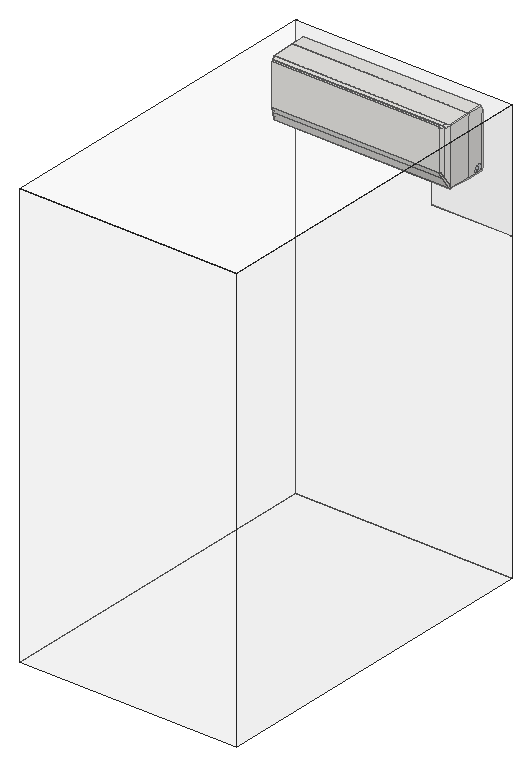
Revit family "pk-rp28la6_112ka22_60hz", category 機械設備, Revit 2023
Family settings
  丸型コネクタ寸法 = 直径を使用
  パーツ タイプ = 標準
  OmniClass 番号 = 23.75.10.24.21.27.27
  OmniClass タイトル = Split System Air Conditioning Units
  作業面ベース = いいえ
  常に垂直 = はい
  ロード時にボイドで切り取り = いいえ
  注釈の向きを維持 = いいえ
  共有 = いいえ
  部屋計算ポイント = はい
Parameters (values of type "PK-RP28LA6")
  風量_静 (m3/min) = 6.3
  風量_強 (m3/min) = 8.7
  風量_弱 (m3/min) = 7.3
  風量_中 (m3/min) = 8
  風量 = MAX風量  # 522.0 m³/h
  音響パワーレベル_静 (dB) = 45
  音響パワーレベル_弱 (dB) = 48
  音響パワーレベル_中 (dB) = 50
  音響パワーレベル_強 (dB) = 52
  音響パワーレベル(dB) = [音響パワーレベル_強 (dB)]  # 52
  電源種別 = ""
  電源_H = 0 mm
  電圧 = 0 V
  電動機出力_送風機 = 0.03 kW
  運転質量 = 0.00 kg
  連動 = ""
  質量 = if(製品質量 > 運転質量, 製品質量, 運転質量) * 1.2  # 15.00 kg
  負荷分類 = 3_ファン類
  構成品番 = ""
  既定の高さ = 0 mm
  壁掛_PK-RP_LA3 = no
  壁掛_PK-RP_LA2 = no
  壁掛_PK-RP_LA1 = yes
  冷媒液管位置-Z = 280 mm
  冷媒液管位置-Y = 23 mm
  冷媒液管位置-X = 711 mm
  冷媒ガス管位置-Z = 268 mm
  冷媒ガス管位置-Y = 23 mm
  冷媒ガス管位置-X = 642 mm
  ドレン管径 (外径) = 22 mm
  ドレン位置-Z = 274 mm
  ドレン位置-Y = 37 mm
  ドレン位置-X = 660 mm
  サービススペース_PK-RP_LA2 = no
  サービススペース_PK-RP_LA1,3 = yes
  【値が 0 の項目は組合せ形名にてご確認ください】 = ""
  Version = ""
  URL = "https://www.mitsubishielectric.co.jp/ldg/wink/qr/002/364755"
  Space Top = 50 mm
  Space Right_1 = 260 mm
  Space Right = 150 mm
  Space Left = 50 mm
  Space Bot_2 = 250 mm
  Space Bot_1 = 7 mm
  MIN２風量 = [風量_静 (m3/min)] * 60.0 m³/h  # 378.0 m³/h
  MIN風量 = [風量_弱 (m3/min)] * 60.0 m³/h  # 438.0 m³/h
  MID風量 = [風量_中 (m3/min)] * 60.0 m³/h  # 480.0 m³/h
  MAX風量 = [風量_強 (m3/min)] * 60.0 m³/h  # 522.0 m³/h
  説明 = "店舗・事務所用パッケージエアコン(Mr.SLIM) 壁掛形<ワイヤード>"
  設計暖房能力 = 0.00 kW
  設計冷房能力_顕熱 = 0 kW
  設計冷房能力 = 0 kW
  設置方法 = "壁掛形"
  記号 = ""
  製造元 = "三菱電機株式会社"
  製品質量 = 12.50 kg
  製品出荷対象 = "国内"
  製品リリース年月 = "2026/5/11"
  製品グループ = ""
  系統 = ""
  符号 = "PAC_WR"
  積算_科目 = "1 空気調和設備"
  積算_拾い区分 [instance] = ""
  盤記号 = ""
  発停方法 = "別売リモコン"
  特殊仕様 = ""
  火災停止 = ""
  消費電力_暖房 = 0.02 kW
  消費電力_冷房 = 0.03 kW
  消費電力 = if(消費電力_冷房 > 消費電力_暖房, 消費電力_冷房, 消費電力_暖房)  # 0.03 kW
  法定耐用年数 = "6"
  極数 = 3
  材質 = ""
  本体マテリアル = none
  有効加湿量 = 0
  暖房能力 = 2.80 kW
  形式_加湿器 = ""
  形式 = "壁掛（露出）形"
  幹線記号 = ""
  始動方式 = "インバータ"
  呼称 = "パッケージ形空気調和機_室内機"
  周波数 = 60 Hz
  吊り位置Y = 0 mm
  吊り位置X = 0 mm
  吊りボルト_H = 0 mm
  台数_手元リモコン = ""
  台数_冷媒分岐ユニット = ""
  参照している仕様書等のバージョン = "公共建築工事標準仕様書（機械設備工事編）平成31年度版"
  加湿給水管径 = 0 mm
  分類コード = "50053003123070"
  分類グループ = "設備"
  冷房能力 = 2.5 kW
  冷媒高低圧ガス管径 = 0 mm
  冷媒管径符号 = "Ac"
  冷媒管径 = 100 mm
  冷媒液管径 = 6.35 mm
  冷媒ガス管径 = 12.7 mm
  企業コード = "108420"
  付属品_フィルター = ""
  付属品 = ""
  モデル = "PK-RP28LA6"
  パネルマテリアル = none
  ドレン管径 = 16 mm
  サービススペース = yes
  コメント [instance] = ""
  Width = 898 mm
  Uniclass2015Version = "Systems v1.9"
  Uniclass2015Title = "Split coil remote air cooled condensing units"
  Uniclass2015Code = "Pr_70_65_03_84"
  SpecificationReference = ""
  SpecificationDescription = ""
  S_H = 356 mm
  Revision = ""
  ProductInformation = ""
  OmniClassCode = "23-33 17 13 11"
  IfcTypeProduct = ""
  IfcProduct = ""
  IfcExportType = "AIRCONDITIONINGUNIT"
  IfcExportAs = "IfcUnitaryEquipmentType"
  Height = 299 mm
  Depth = 237 mm
  価格 = 0
  Clearance Top = 50 mm
  Clearance Right = 150 mm
  Clearance Left = 50 mm
  Clearance Front = 1500 mm
  Clearance Bottom = 1800 mm
  Clearance Back = 0 mm
  BLCJ仕様バージョン = "2.0"
  Author = "三菱電機株式会社"
Reference planes
  plane 1 "中心(正面/背面)": y = 0
  plane 2: z = 11
  plane 3 "中心(左/右)": x = 0
  plane 4: x = -449
  plane 5: x = 449
  plane 6: z = -288
  plane 7: y = -242
  plane 8: y = -5
  plane 9: x = -211
  plane 10: x = -193
  plane 11: x = -262
  plane 12: y = -28
  plane 13: y = -28
  plane 14: y = -42
  plane 15: z = -269
  plane 16: z = -257
  plane 17: z = -263
  plane 18: z = 61
  plane 19: x = -499
  plane 20: x = 599
  plane 21: z = -295
  plane 22: z = -538
  plane 23: x = 189
  plane 24: y = -1742
  plane 25: z = -2088
  plane 26: x = -499
  plane 27: x = 599
  plane 28: y = -28
Forms (mm)
  Extrusion 1, solid, detail levels fine
    sketch origin (-88.875, 0, -1713) x (-1, 0, 0) y (0, 0, 1)
      loop
        line (-487.875, 1574) -> (-487.875, 1549) -> (-462.875, 1549) -> (-462.875, 1574) -> (-487.875, 1574)
    from -1 to 0
  Extrusion 2, solid, detail levels fine
    sketch origin (0, 0, 0) x (0, 1, 0) y (0, 0, 1)
      loop
        circle (-42, -263) r 11
    from 444 to 449
  Extrusion 3, solid, detail levels fine
    sketch origin (0, 0, 0) x (0, 1, 0) y (0, 0, 1)
      loop
        circle (-28, -263) r 15
    from 444 to 449
Dimensions and locks
  equal spacing: plane 5, plane 3 "中心(左/右)", plane 4
  "Width": plane 5 to plane 4
  "Height": level to plane 6
  locked: plane 8 to plane 1 "中心(正面/背面)" at 5
  "Depth": plane 7 to plane 8
  "ドレン位置-X": plane 5 to plane 9
  "冷媒ガス管位置-X": plane 5 to plane 10
  "冷媒液管位置-X": plane 5 to plane 11
  "ドレン位置-Y": plane 14 to plane 8
  "冷媒ガス管位置-Y": plane 13 to plane 8
  "冷媒液管位置-Y": plane 12 to plane 8
  "ドレン位置-Z": level to plane 17
  "冷媒ガス管位置-Z": level to plane 16
  "冷媒液管位置-Z": level to plane 15
  "Space Top": plane 18 to level
  "Space Left": plane 4 to plane 19
  "Space Right": plane 20 to plane 5
  "Space Bot_1": plane 6 to plane 21
  "Space Bot_2": plane 6 to plane 22
  "Space Right_1": plane 5 to plane 23
  equal spacing: plane 16, Extrusion 3 sketch curve, plane 15
  equal spacing: plane 12, Extrusion 3 sketch curve, plane 13
  locked: plane 5 to Extrusion 3 at 5
  "Clearance Front": plane 24 to plane 7
  "Clearance Bottom": plane 6 to plane 25
  "Clearance Left": plane 4 to plane 26
  "Clearance Right": plane 27 to plane 5
  plane 5 to Extrusion 1 sketch curve = 50 mm
  nested 3 to Extrusion 1 sketch curve = 150 mm
  "Clearance Top": nested 4 to plane 2
  "ドレン管径 (外径)": diameter of Extrusion 2 sketch curve
  aligned and locked: level to plane 2
  aligned and locked: plane 1 "中心(正面/背面)" to nested 1
  aligned and locked: plane 1 "中心(正面/背面)" to nested 2
  aligned and locked: plane 1 "中心(正面/背面)" to nested 3
  aligned and locked: level to nested 1
  aligned and locked: level to nested 3
  aligned and locked: plane 3 "中心(左/右)" to nested 2
  aligned and locked: plane 3 "中心(左/右)" to nested 1
  aligned and locked: plane 3 "中心(左/右)" to nested 3
  aligned and locked: plane 14 to Extrusion 2 sketch curve
  aligned and locked: plane 17 to Extrusion 2 sketch curve
  aligned and locked: plane 5 to Extrusion 3
  aligned and locked: plane 5 to Extrusion 2
  aligned and locked: Extrusion 3 to Extrusion 2
  aligned and locked: plane 1 "中心(正面/背面)" to nested 4
  aligned and locked: plane 24 to nested 4
  aligned and locked: plane 25 to nested 4
  aligned and locked: plane 26 to nested 4
  aligned and locked: plane 27 to nested 4
  aligned and locked: plane 18 to nested 4
  aligned and locked: plane 1 "中心(正面/背面)" to nested 5
  aligned and locked: plane 3 "中心(左/右)" to nested 5
  aligned and locked: plane 2 to nested 3
Automatic sketch dimensions
  Extrusion 1 sketch curve to plane 5 = 75 mm
  Extrusion 1 sketch curve to Extrusion 1 sketch curve = 25 mm
  radius of Extrusion 3 sketch curve = 15 mm
Nested families
  nested 1: "pk-rp_la1" at (0, 0, 10), type "壁掛_PK-RP_LA1", detail levels fine
  nested 2: "pk-rp_la2" at (0, 0, 11), type "壁掛_PK-RP_LA2"
    with 壁掛_PK-RP56-71KA17 no
  nested 3: "pk-rp_la3" at (0, 0, 11), type "壁掛_PK-RP_LA3"
    with 壁掛_PK-RP80_112KA17 no, 冷媒液管径 6.35 mm, 冷媒ガス管径 12.7 mm
  nested 4: "サービススペース" at (50, -871, -1013.5), visible <- "サービススペース", type "サービススペース", detail levels fine
    with Width 1098 mm, Height 2149 mm, Depth 1742 mm
  nested 5: "Space View" at (0, 0, 11), Bot_1 <- "Space Bot_1", Bot_2 <- "Space Bot_2", Hight <- "Height", Left <- "Space Left", Right <- "Space Right", Right_1 <- "Space Right_1", Top <- "Space Top", Width <- "Width", Space View <- "サービススペース_PK-RP_LA1,3", type "Space View"
    with Width 898 mm, Top 50 mm, Space View yes, Right_1 260 mm, Right 150 mm, Left 50 mm, Hight 299 mm, Bot_2 250 mm, Bot_1 7 mm
Connectors
  piping at (449, -42, -263), diameter 22, driven by "ドレン管径 (外径)"
    settings: on Extrusion 2, index 1, connector inside diameter 609.6 mm, connector length 0 mm, flow factor 0, pipe flow 0.0 L/s, pressure drop 0.0 Pa, fitting loss kfactor 0, connector angle 0.00°, fixture units 0, engagement length 0 mm, angle of deflection 0.00°, flow configuration 1, flow direction 2, fitting loss method 4, system type 16, joint type 0, gender type 0, connector reference index -1, connector utility 0, adjustable connector no, is connector primary yes, connector description ""
  piping at (449, -28, -263), diameter 100, driven by "冷媒管径", driven by "冷媒管径符号"
    settings: on Extrusion 3, index 2, connector inside diameter 609.6 mm, connector length 0 mm, flow factor 0, pipe flow 0.0 L/s, pressure drop 0.0 Pa, fitting loss kfactor 0, connector angle 0.00°, fixture units 0, engagement length 0 mm, angle of deflection 0.00°, flow configuration 1, flow direction 1, fitting loss method 4, system type 7, joint type 0, gender type 0, connector reference index -1, connector utility 0, adjustable connector no, is connector primary no, connector description "Ac"
  electrical at (386.5, 0, -151.5), driven by "極数", driven by "負荷分類", driven by "電圧", driven by "消費電力"
    settings: on Extrusion 1, index 3, voltage 0 V, apparent load 30 VA, apparent load phase1 0 VA, apparent load phase2 0 VA, apparent load phase3 0 VA, power factor 1, load classification "3_ファン類", number of poles 3, system type 30, power factor state 1, is connector primary yes, connector utility no, sub classification motor no, connector description ""
Definition of nested family "pk-rp_la1"
  Parameters (values of type "壁掛_PK-RP_LA1")
    Default Elevation = 0 mm
    壁掛_PK-RP40_50LA = yes
    冷媒液管位置-Y = 37 mm
    冷媒液管位置-X = 711 mm
    冷媒ガス管位置-Y = 23 mm
    冷媒ガス管位置-X = 642 mm
    ドレン管径 (外径) = 22 mm
    ドレン位置-Y = 23 mm
    ドレン位置-X = 660 mm
    URL = ""
    Description = ""
    Manufacturer = ""
    冷媒管径符号 = "Ac"
    冷媒管径 = 100 mm
    冷媒液管位置-Z = 280 mm
    冷媒液管径 = 6.35 mm
    冷媒ガス管位置-Z = 268 mm
    冷媒ガス管径 = 12.7 mm
    Model = ""
    ドレン位置-Z = 274 mm
    ドレン管径 = 16 mm
    Width = 898 mm
    S_H = 356 mm
    Height = 299 mm
    Depth = 237 mm
    Cost = 0
  Reference planes
    plane 1 "中心(正面/背面)": y = 0
    plane 2: z = 1
    plane 3 "中心(左/右)": x = 0
    plane 4 "UNDER": z = -298
    plane 5 "Left": x = -449
    plane 6: x = 449
    plane 7 "Fkidasi_L": x = -400
    plane 8 "Fkidasi_X": x = -262
    plane 9 "Fkidasi_Y": x = -193
    plane 10: y = -5
    plane 11: y = -42
    plane 12: y = -242
    plane 13: z = -279
    plane 14: z = -267
    plane 15: z = -273
    plane 16: y = -28
    plane 17: y = -28
    plane 18: x = -211
    plane 19: z = 1
    plane 20: x = 0
    plane 21: x = 0
  Forms (mm)
    Extrusion 1, void, detail levels fine
      sketch origin (0, 75, -2499) x (0, -1, 0) y (0, 0, 1)
        loop
          line (89, 2500) -> (80, 2500) -> (80, 2487) -> (89, 2500)
      from 449 to -449
    Extrusion 2, solid, visible <- "壁掛_PK-RP40_50LA", detail levels fine
      sketch origin (0, 0, -2509.072) x (-1, 0, 0) y (0, 0, 1)
        loop
          line (449, 2485.072) -> (-449, 2485.072) -> (-449, 2224.072) -> (449, 2224.072) -> (449, 2485.072)
      from 0 to -5
    Extrusion 3, solid, visible <- "壁掛_PK-RP40_50LA", detail levels fine
      sketch origin (0, -5, -2499) x (0, 0, -1) y (-1, 0, 0)
        loop
          line (-2500, 444) -> (-2500, -444)
          arc (-2500, -444) -> (-2498.536, -447.536) -> (-2495, -449) r 5
          line (-2495, -449) -> (-2206, -449)
          arc (-2206, -449) -> (-2202.464, -447.536) -> (-2201, -444) r 5
          line (-2201, -444) -> (-2201, 444)
          arc (-2201, 444) -> (-2202.464, 447.536) -> (-2206, 449) r 5
          line (-2206, 449) -> (-2495, 449)
          arc (-2495, 449) -> (-2498.536, 447.536) -> (-2500, 444) r 5
      from 0 to -83
    Blend 4, solid, visible <- "壁掛_PK-RP40_50LA"
      base sketch origin (0, -202, -1799) x (0, 0, 1) y (1, 0, 0)
        loop
          line (1796, -444) -> (1796, 444)
          arc (1796, 444) -> (1794.536, 447.536) -> (1791, 449) r 5
          line (1791, 449) -> (1515, 449)
          arc (1515, 449) -> (1508.636, 446.364) -> (1506, 440) r 9
          line (1506, 440) -> (1506, -440)
          arc (1506, -440) -> (1508.636, -446.364) -> (1515, -449) r 9
          line (1515, -449) -> (1791, -449)
          arc (1791, -449) -> (1794.536, -447.536) -> (1796, -444) r 5
      top sketch origin (0, -202, -1799) x (0, 0, 1) y (1, 0, 0)
        loop
          line (1793, -427) -> (1793, 427)
          arc (1793, 427) -> (1791.536, 430.536) -> (1788, 432) r 5
          line (1788, 432) -> (1559, 432)
          arc (1559, 432) -> (1555.464, 430.536) -> (1554, 427) r 5
          line (1554, 427) -> (1554, -427)
          arc (1554, -427) -> (1555.464, -430.536) -> (1559, -432) r 5
          line (1559, -432) -> (1788, -432)
          arc (1788, -432) -> (1791.536, -430.536) -> (1793, -427) r 5
      from 0 to -25
    Blend 5, solid, visible <- "壁掛_PK-RP40_50LA", detail levels fine
      base sketch origin (0, -227, -1799) x (0, 0, 1) y (1, 0, 0)
        loop
          arc (1793, 427) -> (1791.536, 430.536) -> (1788, 432) r 5
          line (1788, 432) -> (1559, 432)
          arc (1559, 432) -> (1555.464, 430.536) -> (1554, 427) r 5
          line (1554, 427) -> (1554, -427)
          arc (1554, -427) -> (1555.464, -430.536) -> (1559, -432) r 5
          line (1559, -432) -> (1788, -432)
          arc (1788, -432) -> (1791.536, -430.536) -> (1793, -427) r 5
          line (1793, -427) -> (1793, 427)
      top sketch origin (0, -227, -1799) x (0, 0, 1) y (1, 0, 0)
        loop
          line (1793, -419) -> (1793, 419)
          arc (1793, 419) -> (1791.536, 422.536) -> (1788, 424) r 5
          line (1788, 424) -> (1590, 424)
          arc (1590, 424) -> (1586.464, 422.536) -> (1585, 419) r 5
          line (1585, 419) -> (1585, -419)
          arc (1585, -419) -> (1586.464, -422.536) -> (1590, -424) r 5
          line (1590, -424) -> (1788, -424)
          arc (1788, -424) -> (1791.536, -422.536) -> (1793, -419) r 5
      from 0 to -15
    Blend 6, solid, visible <- "壁掛_PK-RP40_50LA", detail levels fine
      base sketch origin (62.5, -88, -1799) x (0, 0, 1) y (1, 0, 0)
        loop
          arc (1800, 381.5) -> (1798.536, 385.036) -> (1795, 386.5) r 5
          line (1795, 386.5) -> (1506, 386.5)
          arc (1506, 386.5) -> (1502.464, 385.036) -> (1501, 381.5) r 5
          line (1501, 381.5) -> (1501, -506.5)
          arc (1501, -506.5) -> (1502.464, -510.036) -> (1506, -511.5) r 5
          line (1506, -511.5) -> (1795, -511.5)
          arc (1795, -511.5) -> (1798.536, -510.036) -> (1800, -506.5) r 5
          line (1800, -506.5) -> (1800, 381.5)
      top sketch origin (62.5, -88, -1799) x (0, 0, 1) y (1, 0, 0)
        loop
          line (1796, -506.5) -> (1796, 381.5)
          arc (1796, 381.5) -> (1794.536, 385.036) -> (1791, 386.5) r 5
          line (1791, 386.5) -> (1511, 386.5)
          arc (1511, 386.5) -> (1507.464, 385.036) -> (1506, 381.5) r 5
          line (1506, 381.5) -> (1506, -502.5)
          arc (1506, -502.5) -> (1508.636, -508.864) -> (1515, -511.5) r 9
          line (1515, -511.5) -> (1791, -511.5)
          arc (1791, -511.5) -> (1794.536, -510.036) -> (1796, -506.5) r 5
      from 0 to -114
    Sweep 7, solid, visible <- "壁掛_PK-RP40_50LA", detail levels fine
      path origin (0, 75, -1799) x (-1, 0, 0) y (0, 0, 1)
        loop
          line (262, 1521) -> (-271, 1521)
      profile origin (4.5, 75, -278) x (0, 0, -1) y (0, 1, 0)
        loop
          circle (1, -103) r 3.175
    Sweep 8, solid, visible <- "壁掛_PK-RP40_50LA", detail levels fine
      path origin (0, 75, -1799) x (-1, 0, 0) y (0, 0, 1)
        loop
          line (-257, 1533) -> (193, 1533)
      profile origin (32, 75, -266) x (0, 0, 1) y (0, 1, 0)
        loop
          circle (-1, -103) r 6.35
    Sweep 9, solid, visible <- "壁掛_PK-RP40_50LA", detail levels fine
      path origin (0, 75, -1799) x (-1, 0, 0) y (0, 0, 1)
        loop
          line (211, 1527) -> (-289, 1527)
      profile origin (39, 75, -272) x (0, 0, -1) y (0, 1, 0)
        loop
          circle (1, -117) r 11
  Cuts and joins
    Extrusion 1 cuts Extrusion 3
  Lines and regions (mm)
    model lines, visible <- "壁掛_PK-RP40_50LA", detail levels fine
      curve 1: line (274, -5, -298) -> (274, -54, -298)
      curve 2: line (292, -72, -298) -> (331, -72, -298)
      curve 3: line (349, -54, -298) -> (349, -5, -298)
      curve 4: line (324, -54, -298) -> (324, -5, -298)
      curve 5: arc (292, -72, -298) -> (279.272, -66.728, -298) -> (274, -54, -298) r 18
      curve 6: arc (306, -72, -298) -> (318.728, -66.728, -298) -> (324, -54, -298) r 18
      curve 7: arc (331, -72, -298) -> (343.728, -66.728, -298) -> (349, -54, -298) r 18
      curve 8: line (-430, -5, -298) -> (-430, -54, -298)
      curve 9: line (-412, -72, -298) -> (-378, -72, -298)
      curve 10: line (-360, -54, -298) -> (-360, -5, -298)
      curve 11: line (-399.073, -53.123, -298) -> (-399.073, -5, -298)
      curve 12: arc (-412, -72, -298) -> (-424.728, -66.728, -298) -> (-430, -54, -298) r 18
      curve 13: arc (-399.073, -53.123, -298) -> (-394.55, -65.481, -298) -> (-383.118, -72, -298) r 19.145
      curve 14: arc (-360, -54, -298) -> (-365.272, -66.728, -298) -> (-378, -72, -298) r 18
      curve 15: line (366.5, -202, -293) -> (366.5, -208.929, -279.696)
      curve 16: line (366.5, -208.929, -279.696) -> (326.5, -208.929, -279.696)
      curve 17: line (326.5, -208.929, -279.696) -> (326.5, -202, -293)
      curve 18: line (326.5, -202, -293) -> (326.5, -188.513, -293.592)
      curve 19: line (326.5, -188.513, -293.592) -> (366.5, -188.513, -293.592)
      curve 20: line (366.5, -188.513, -293.592) -> (366.5, -202, -293)
      curve 21: line (449, -5, -229) -> (449, -52, -229)
      curve 22: line (449, -70, -247) -> (449, -70, -270)
      curve 23: line (449, -52, -288) -> (449, -5, -288)
      curve 24: line (449, -49.143, -241) -> (449, -5, -241)
      curve 25: arc (449, -52, -288) -> (449, -64.728, -282.728) -> (449, -70, -270) r 18
      curve 26: arc (449, -52, -229) -> (449, -64.728, -234.272) -> (449, -70, -247) r 18
      curve 27: arc (449, -70, -261.857) -> (449, -63.891, -247.109) -> (449, -49.143, -241) r 20.857
      curve 28: line (-449, -5, -288) -> (-449, -52, -288)
      curve 29: line (-449, -70, -270) -> (-449, -70, -236)
      curve 30: line (-449, -52, -218) -> (-449, -5, -218)
      curve 31: line (-449, -5, -238) -> (-449, -52, -238)
      curve 32: arc (-449, -52, -288) -> (-449, -64.728, -282.728) -> (-449, -70, -270) r 18
      curve 33: arc (-449, -70, -236) -> (-449, -64.728, -223.272) -> (-449, -52, -218) r 18
      curve 34: arc (-449, -70, -256) -> (-449, -64.728, -243.272) -> (-449, -52, -238) r 18
      curve 35: line (-400, -227, -245) -> (-400, -202, -293)
      curve 36: line (250, -227, -245) -> (250, -202, -293)
      curve 37: line (250, -202, -293) -> (250, -88, -298)
      curve 38: line (-400, -200.122, -293.082) -> (-400, -88, -298)
  Dimensions and locks
    "Width": plane 5 "Left" to plane 6
    plane 5 "Left" to plane 3 "中心(左/右)" to plane 6 = 449 mm, 449 mm
    equal spacing: plane 5 "Left", plane 3 "中心(左/右)", plane 6
    "Depth": plane 10 to plane 12
    "ドレン位置-Z": level to plane 15
    "冷媒ガス管位置-Z": level to plane 14
    "冷媒液管位置-Z": level to plane 13
    "Height": level to plane 4 "UNDER"
    "ドレン位置-Y": plane 10 to plane 17
    "冷媒ガス管位置-Y": plane 10 to plane 16
    "冷媒液管位置-Y": plane 10 to plane 11
    "冷媒液管位置-X": plane 6 to plane 8 "Fkidasi_X"
    "冷媒ガス管位置-X": plane 6 to plane 9 "Fkidasi_Y"
    "ドレン位置-X": plane 6 to plane 18
    locked: plane 10 to plane 1 "中心(正面/背面)" at 5
    "冷媒液管径": diameter of Sweep 7 sketch curve
    "冷媒ガス管径": diameter of Sweep 8 sketch curve
    "ドレン管径 (外径)": diameter of Sweep 9 sketch curve
    aligned and locked: level to plane 2
    aligned and locked: Sweep 8 to plane 9 "Fkidasi_Y"  (x2)
    aligned and locked: Sweep 7 to plane 8 "Fkidasi_X"
    aligned and locked: plane 12 to Blend 5
    aligned and locked: plane 15 to Sweep 9 sketch curve
    aligned and locked: plane 14 to Sweep 8 sketch curve
    aligned and locked: plane 13 to Sweep 7 sketch curve
    aligned and locked: plane 17 to Sweep 7 sketch curve
    aligned and locked: plane 16 to Sweep 8 sketch curve
    aligned and locked: plane 11 to Sweep 9 sketch curve
    aligned and locked: plane 20 to plane 3 "中心(左/右)"
    aligned and locked: plane 21 to plane 20
  Automatic sketch dimensions
    Extrusion 1 sketch curve to plane 10 = 0 mm
    Extrusion 1 sketch curve to plane 10 = 9 mm
    Extrusion 2 sketch curve to plane 6 = 0 mm
    plane 5 "Left" to Extrusion 2 sketch curve = 0 mm
    Extrusion 2 sketch curve to level = 286 mm
    Extrusion 3 sketch curve to plane 6 = 0 mm
    plane 5 "Left" to Extrusion 3 sketch curve = 0 mm
    Extrusion 3 sketch curve to level = 299 mm
    Extrusion 3 sketch curve to level = 294 mm  (x2)
    plane 5 "Left" to Blend 4 sketch curve = 0 mm
    Blend 4 sketch curve to plane 6 = 0 mm
    Blend 4 sketch curve to level = 294 mm
    Blend 4 sketch curve to Blend 4 sketch curve = 9 mm  (x2)
    Blend 4 sketch curve to plane 6 = 5 mm
    Blend 4 sketch curve to plane 6 = 22 mm
    Blend 4 sketch curve to level = 246 mm
    Blend 4 sketch curve to Blend 4 sketch curve = 5 mm  (x4)
    Blend 4 sketch curve to plane 5 "Left" = 22 mm
    Blend 5 sketch curve to level = 246 mm
    Blend 5 sketch curve to Blend 5 sketch curve = 5 mm  (x7)
    Blend 5 sketch curve to plane 5 "Left" = 17 mm
    Blend 5 sketch curve to plane 6 = 22 mm
    Blend 5 sketch curve to plane 7 "Fkidasi_L" = 19 mm
    Blend 5 sketch curve to level = 215 mm
    Blend 5 sketch curve to plane 6 = 30 mm
    Blend 6 sketch curve to level = 299 mm
    Blend 6 sketch curve to plane 6 = 0 mm  (x2)
    plane 5 "Left" to Blend 6 sketch curve = 0 mm  (x2)
    Blend 6 sketch curve to level = 294 mm  (x3)
    Blend 6 sketch curve to plane 6 = 5 mm  (x2)
    Blend 6 sketch curve to Blend 6 sketch curve = 9 mm
    curve 11 to Extrusion 3 = 0 mm
    curve 1 to Extrusion 3 = 0 mm
    curve 8 to Extrusion 3 = 0 mm
    curve 4 to Extrusion 3 = 0 mm
    curve 3 to Extrusion 3 = 0 mm
    curve 10 to Extrusion 3 = 0 mm
    curve 13 to Extrusion 3 = 34.877 mm
    curve 12 to curve 13 = 0.877 mm
    curve 10 to curve 13 = 0.877 mm
    curve 3 to Extrusion 3 = 34 mm
    curve 4 to curve 7 = 0 mm
    curve 9 to Extrusion 3 = 16 mm
    curve 2 to Extrusion 3 = 16 mm
    Extrusion 3 to curve 3 = 95 mm
    curve 7 to curve 4 = 7 mm
    curve 6 to curve 2 = 14 mm
    Extrusion 3 to curve 10 = 84 mm
    curve 14 to curve 13 = 1.927 mm
    curve 13 to curve 11 = 19.145 mm
    curve 13 to curve 12 = 12.927 mm
    curve 35 to Blend 4 = 0 mm
    Blend 4 to curve 35 = 0 mm
    Blend 4 to curve 36 = 0 mm
    curve 36 to Blend 4 = 0 mm
    curve 17 to Blend 4 = 0 mm
    curve 15 to Blend 4 = 0 mm
    Blend 4 to curve 17 = 15 mm
    curve 17 to Blend 4 = 106.857 mm
    curve 16 to curve 15 = 40 mm
    curve 36 to curve 17 = 76.5 mm
    curve 35 to curve 36 = 650 mm
    curve 38 to Blend 6 = 0 mm
    curve 37 to Blend 6 = 0 mm
    Blend 6 to curve 37 = 0 mm
    Blend 6 to curve 18 = 0 mm
    Blend 6 to curve 20 = 0 mm
    Blend 6 to curve 19 = 13.5 mm
    curve 19 to Blend 6 = 117.5 mm
    curve 18 to curve 19 = 40 mm
    curve 37 to curve 18 = 76.5 mm
    curve 38 to curve 37 = 650 mm
    Blend 6 to curve 38 = 1.879 mm
    curve 21 to Extrusion 3 = 0 mm
    curve 24 to Extrusion 3 = 0 mm
    curve 23 to Extrusion 3 = 0 mm
    curve 21 to curve 24 = 12 mm
    Extrusion 3 to curve 22 = 18 mm
    curve 24 to curve 22 = 6 mm
    curve 26 to curve 27 = 14.857 mm
    curve 27 to curve 25 = 8.143 mm
    curve 23 to Extrusion 3 = 5 mm
    curve 28 to Extrusion 3 = 0 mm
    curve 31 to Extrusion 3 = 0 mm
    curve 30 to Extrusion 3 = 0 mm
    curve 28 to Extrusion 3 = 5 mm
    curve 29 to Extrusion 3 = 23 mm
    curve 32 to curve 34 = 14 mm
    curve 34 to curve 31 = 18 mm
    curve 34 to curve 33 = 2 mm
    curve 33 to curve 30 = 18 mm
    Extrusion 3 to curve 32 = 36 mm
    Sweep 7 sketch curve to plane 8 "Fkidasi_X" = 0 mm
    Sweep 8 sketch curve to plane 9 "Fkidasi_Y" = 0 mm
    Sweep 9 sketch curve to plane 9 "Fkidasi_Y" = 18 mm
    Extrusion 1 sketch curve to level = 13 mm
    Extrusion 1 sketch curve to level = 0 mm
    Extrusion 2 sketch curve to level = 25 mm
    Extrusion 3 sketch curve to level = 5 mm  (x2)
    Extrusion 3 sketch curve to level = 0 mm
    Blend 4 sketch curve to level = 9 mm  (x2)
    Blend 4 sketch curve to level = 12 mm
    Blend 5 sketch curve to level = 12 mm  (x3)
    Blend 6 sketch curve to level = 5 mm  (x2)
    Blend 6 sketch curve to level = 0 mm
    Blend 6 sketch curve to level = 9 mm  (x2)
    plane 13 to Sweep 7 sketch curve = 1 mm
    plane 14 to Sweep 8 sketch curve = 1 mm
    plane 15 to Sweep 9 sketch curve = 1 mm
    curve 5 to curve 6 = 0 mm
    Sweep 7 sketch curve to plane 6 = 178 mm
    Sweep 8 sketch curve to plane 6 = 192 mm
    Sweep 9 sketch curve to plane 6 = 160 mm
    curve 22 to Extrusion 3 = 23 mm
Definition of nested family "サービススペース"
  Parameters (values of type "サービススペース")
    Default Elevation = 0 mm
    Width [instance] = 500 mm
    Height [instance] = 500 mm
    Depth [instance] = 500 mm
  Reference planes
    plane 1 "中心(正面/背面)": y = 0
    plane 2: z = 0
    plane 3 "中心(左/右)": x = 0
    plane 4: y = -250
    plane 5: x = 250
    plane 6: y = 250
    plane 7: x = -250
    plane 8: z = 250
    plane 9: z = -250
  Forms (mm)
    Extrusion 1, solid
      sketch origin (-638.939, 0, 72.39) x (1, 0, 0) y (0, 1, 0)
        loop
          line (388.939, 250) -> (388.939, -250) -> (888.939, -250) -> (888.939, 250) -> (388.939, 250)
      from -322.39 to 177.61
  Lines and regions (mm)
    symbolic lines
      curve 1: line (-250, 0, 250) -> (250, 0, 250)
      curve 2: line (-250, 0, -250) -> (-250, 0, 250)
      curve 3: line (250, 0, -250) -> (-250, 0, -250)
      curve 4: line (250, 0, 250) -> (250, 0, -250)
      curve 5: line (0, -250, 250) -> (0, 250, 250)
      curve 6: line (0, -250, -250) -> (0, -250, 250)
      curve 7: line (0, 250, -250) -> (0, -250, -250)
      curve 8: line (0, 250, 250) -> (0, 250, -250)
      curve 9: line (-250, 250, 0) -> (250, 250, 0)
      curve 10: line (-250, -250, 0) -> (-250, 250, 0)
      curve 11: line (250, -250, 0) -> (-250, -250, 0)
      curve 12: line (250, 250, 0) -> (250, -250, 0)
  Dimensions and locks
    equal spacing: plane 7, plane 3 "中心(左/右)", plane 5
    equal spacing: plane 4, plane 1 "中心(正面/背面)", plane 6
    "Depth": plane 4 to plane 6
    "Width": plane 7 to plane 5
    equal spacing: plane 8, plane 2, plane 9
    "Height": plane 8 to plane 9
    aligned and locked: plane 9 to curve 3
    aligned and locked: plane 7 to curve 2
    aligned and locked: curve 4 to plane 5
    aligned and locked: plane 5 to Extrusion 1
    aligned and locked: Extrusion 1 to plane 7
    aligned and locked: Extrusion 1 to plane 9
    aligned and locked: plane 8 to Extrusion 1
    aligned and locked: plane 9 to curve 7
  Automatic sketch dimensions
    plane 4 to Extrusion 1 sketch curve = 0 mm
    Extrusion 1 sketch curve to plane 7 = 0 mm
    Extrusion 1 sketch curve to plane 5 = 0 mm
    plane 6 to Extrusion 1 sketch curve = 0 mm
    curve 2 to plane 8 = 0 mm
    plane 4 to curve 11 = 0 mm
    curve 11 to plane 7 = 0 mm
    curve 11 to plane 5 = 0 mm
    plane 6 to curve 10 = 0 mm
    curve 7 to plane 4 = 0 mm
    curve 7 to plane 6 = 0 mm
    curve 6 to plane 8 = 0 mm
Definition of nested family "Space View"
  Parameters (values of type "Space View")
    Default Elevation = 0 mm
    Width [instance] = 898 mm
    Top [instance] = 50 mm
    Space View [instance] = yes
    Right_1 [instance] = 260 mm
    Right [instance] = 150 mm
    Left [instance] = 50 mm
    Hight [instance] = 299 mm
    Bot_2 [instance] = 250 mm
    Bot_1 [instance] = 7 mm
  Reference planes
    plane 1 "Center (Front/Back)": y = 0
    plane 2: z = 0
    plane 3 "Center (Left/Right)": x = 0
    plane 4: x = -499
    plane 5: z = 50
    plane 6: x = 599
    plane 7: z = -306
    plane 8: z = -549
    plane 9: x = -449
    plane 10: x = 449
    plane 11: z = -299
    plane 12: x = 189
  Forms (mm)
    Extrusion 1, solid, visible <- "Space View"
      sketch origin (0, 0, -1800) x (-1, 0, 0) y (0, 0, 1)
        loop
          line (499, 1850) -> (-599, 1850) -> (-599, 1251) -> (-189, 1251) -> (-189, 1494) -> (499, 1494) -> (499, 1850)
      from 0 to -1
  Dimensions and locks
    equal spacing: plane 10, plane 3 "Center (Left/Right)", plane 9
    "Width": plane 10 to plane 9
    "Right": plane 10 to plane 6
    "Left": plane 9 to plane 4
    "Hight": level to plane 11
    "Bot_1": plane 11 to plane 7
    "Bot_2": plane 11 to plane 8
    "Top": plane 5 to level
    "Right_1": plane 12 to plane 10
    aligned and locked: level to plane 2
    aligned and locked: Extrusion 1 to plane 4
    aligned and locked: plane 5 to Extrusion 1
    aligned and locked: plane 6 to Extrusion 1
    aligned and locked: plane 7 to Extrusion 1
    aligned and locked: plane 8 to Extrusion 1
    aligned and locked: plane 5 to Extrusion 1 sketch curve
    aligned and locked: Extrusion 1 sketch curve to plane 4
    aligned and locked: Extrusion 1 sketch curve to plane 7
    aligned and locked: Extrusion 1 sketch curve to plane 8
    aligned and locked: Extrusion 1 sketch curve to plane 6
    aligned and locked: plane 12 to Extrusion 1
  Automatic sketch dimensions
    plane 10 to Extrusion 1 sketch curve = 260 mm
Definition of nested family "pk-rp_la2"
  Parameters (values of type "壁掛_PK-RP56_71KA17")
    Default Elevation = 0 mm
    壁掛_PK-RP56-71KA17 = yes
    冷媒液管位置-Z = 250 mm
    冷媒液管位置-Y = 25 mm
    冷媒液管位置-X = 673 mm
    冷媒ガス管位置-Z = 270 mm
    冷媒ガス管位置-Y = 25 mm
    冷媒ガス管位置-X = 603 mm
    ドレン管径 (外径) = 22 mm
    ドレン位置-Z = 300 mm
    ドレン位置-Y = 25 mm
    ドレン位置-X = 733 mm
    URL = ""
    Description = ""
    Manufacturer = ""
    冷媒管径符号 = "Ac"
    冷媒管径 = 100 mm
    冷媒液管径 = 6.35 mm
    冷媒ガス管径 = 12.7 mm
    Model = ""
    ドレン管径 = 16 mm
    Width = 1100 mm
    S_H = 404 mm
    Height = 325 mm
    Depth = 258 mm
    Cost = 0
  Reference planes
    plane 1 "中心(正面/背面)": y = 0
    plane 2: z = 0
    plane 3 "中心(左/右)": x = 0
    plane 4 "TOP": z = 0
    plane 5 "UNDER": z = -325
    plane 6 "Left": x = -550
    plane 7: x = 550
    plane 8 "Fkidasi_V": z = -332
    plane 9 "Fkidasi_Z": z = -300
    plane 10 "Fkidasi_AA": z = -270
    plane 11 "Fkidasi_BB": z = -250
    plane 12: x = 377
    plane 13 "Fkidasi_CC": x = -183
    plane 14 "Fkidasi_DD": x = -123
    plane 15 "Fkidasi_EE": x = -53
    plane 16: y = -5
    plane 17: y = -263
    plane 18: y = -30
    plane 19: y = -30
    plane 20: y = -30
    plane 21: z = 0
    plane 22: x = 0
  Forms (mm)
    Sweep 1, solid, visible <- "壁掛_PK-RP56-71KA17", detail levels fine
      path origin (0, 85, -1776) x (-1, 0, 0) y (0, 0, 1)
        loop
          line (-377, 1506) -> (53, 1506)
      profile origin (162, 85, -270) x (0, 0, 1) y (0, 1, 0)
        loop
          circle (0, -115) r 6.35
    Sweep 2, solid, visible <- "壁掛_PK-RP56-71KA17", detail levels fine
      path origin (0, 85, -1744) x (-1, 0, 0) y (0, 0, 1)
        loop
          line (123, 1494) -> (-377, 1494)
      profile origin (127, 85, -250) x (0, 0, -1) y (0, 1, 0)
        loop
          circle (0, -115) r 3.175
    Sweep 3, solid, visible <- "壁掛_PK-RP56-71KA17", detail levels fine
      path origin (0, 75, -1850) x (-1, 0, 0) y (0, -1, 0)
        loop
          line (183, 105) -> (-377, 105)
      profile origin (97, -30, -1850) x (0, 1, 0) y (0, 0, 1)
        loop
          circle (0, 1550) r 11
    Extrusion 4, solid, visible <- "壁掛_PK-RP56-71KA17"
      sketch origin (-572, -4.93, 72) x (0, 0, -1) y (0, -1, 0)
        loop
          arc (72, 6.933) -> (72.338, 5.549) -> (73.277, 4.477) r 3
          line (73.277, 4.477) -> (78.269, 0.976)
          arc (78.269, 0.976) -> (79.634, 0.302) -> (81.14, 0.07) r 5
          line (81.14, 0.07) -> (93.863, 0.07) -> (93.863, -3.73)
          arc (93.863, -3.73) -> (94.214, -4.579) -> (95.063, -4.93) r 1.2
          line (95.063, -4.93) -> (382.983, -4.93)
          arc (382.983, -4.93) -> (383.752, -4.777) -> (384.402, -4.34) r 2
          line (384.402, -4.34) -> (391.687, 2.995) -> (393.576, 2.486) -> (396.064, 2.486) -> (396.064, 74.487) -> (397, 74.487) -> (396.249, 96.275)
          arc (396.249, 96.275) -> (386.433, 144.686) -> (361.405, 187.272) r 149.804
          arc (361.405, 187.272) -> (360.715, 187.808) -> (359.863, 187.999) r 2
          line (359.863, 187.999) -> (351.218, 187.999) -> (351.218, 189.494) -> (358.547, 189.494)
          arc (358.547, 189.494) -> (359.077, 189.813) -> (359.045, 190.43) r 0.6
          arc (359.045, 190.43) -> (356.535, 194.254) -> (354.116, 198.136) r 193.914
          arc (354.116, 198.136) -> (346.059, 210.496) -> (337.22, 222.309) r 228.274
          line (337.22, 222.309) -> (330.325, 231.46)
          arc (330.325, 231.46) -> (329.848, 231.872) -> (329.245, 232.052) r 1.5
          arc (329.245, 232.052) -> (268.628, 247.266) -> (206.817, 256.492) r 639.712
          arc (206.817, 256.492) -> (187.622, 257.823) -> (168.382, 258) r 320.323
          arc (168.382, 258) -> (152.854, 257.385) -> (137.36, 256.189) r 414.965
          arc (137.36, 256.189) -> (135.749, 255.382) -> (135.1, 253.701) r 2.5
          line (135.1, 253.701) -> (135.1, 238.591) -> (133.187, 234.008)
          arc (133.187, 234.008) -> (111.703, 220.588) -> (95.132, 201.429) r 84.941
          arc (95.132, 201.429) -> (91.762, 195.916) -> (88.556, 190.306) r 219.053
          arc (88.556, 190.306) -> (88.564, 189.763) -> (89.035, 189.494) r 0.547
          line (89.035, 189.494) -> (93.338, 189.494) -> (92.464, 187.999) -> (86.86, 187.999)
          arc (86.86, 187.999) -> (86.322, 187.842) -> (85.953, 187.421) r 1
          arc (85.953, 187.421) -> (81.274, 174.893) -> (78.608, 161.789) r 85.448
          arc (78.608, 161.789) -> (73.655, 125.49) -> (72, 88.891) r 405.418
          line (72, 88.891) -> (72, 6.933)
      from -1122 to -22
  Lines and regions (mm)
    model lines, visible <- "壁掛_PK-RP56-71KA17", detail levels fine
      curve 1: line (550, -79.418, -324.064) -> (550, -79.418, 0)
      curve 2: line (550, 0, -241.868) -> (550, -79.418, -241.868)
      curve 3: line (550, 0, -243.128) -> (550, -64.595, -243.128)
      curve 4: line (550, -72.595, -251.128) -> (550, -72.595, -311.603)
      curve 5: line (550, -64.595, -319.603) -> (550, -7.841, -319.603)
      curve 6: arc (550, -64.595, -243.128) -> (550, -70.251, -245.471) -> (550, -72.595, -251.128) r 8
      curve 7: arc (550, -72.595, -311.603) -> (550, -70.251, -317.26) -> (550, -64.595, -319.603) r 8
      curve 8: line (-550, -79.418, -324.064) -> (-550, -79.418, 0)
      curve 9: line (-550, 0, -241.868) -> (-550, -79.418, -241.868)
      curve 10: line (-550, 0, -243.128) -> (-550, -64.595, -243.128)
      curve 11: line (-550, -72.595, -251.128) -> (-550, -72.595, -311.603)
      curve 12: line (-550, -64.595, -319.603) -> (-550, -7.841, -319.603)
      curve 13: arc (-550, -64.595, -243.128) -> (-550, -70.251, -245.471) -> (-550, -72.595, -251.128) r 8
      curve 14: arc (-550, -72.595, -311.603) -> (-550, -70.251, -317.26) -> (-550, -64.595, -319.603) r 8
  Dimensions and locks
    equal spacing: plane 7, plane 3 "中心(左/右)", plane 6 "Left"
    "Width": plane 6 "Left" to plane 7
    "Height": plane 5 "UNDER" to plane 4 "TOP"
    plane 8 "Fkidasi_V" to plane 5 "UNDER" = 7 mm
    plane 12 to plane 7 = 173 mm
    plane 12 to plane 13 "Fkidasi_CC" = 560 mm
    "冷媒液管位置-Z": plane 4 "TOP" to plane 11 "Fkidasi_BB"
    "冷媒ガス管位置-Z": plane 4 "TOP" to plane 10 "Fkidasi_AA"
    "ドレン位置-Z": plane 4 "TOP" to plane 9 "Fkidasi_Z"
    equal spacing: plane 6 "Left", plane 3 "中心(左/右)", plane 7
    plane 5 "UNDER" to plane 8 "Fkidasi_V" = 7 mm
    locked: plane 16 to plane 1 "中心(正面/背面)" at 5
    "Depth": plane 17 to plane 16
    "ドレン位置-Y": plane 18 to plane 16
    "冷媒ガス管位置-Y": plane 19 to plane 16
    "冷媒液管位置-Y": plane 20 to plane 16
    "冷媒ガス管位置-X": plane 7 to plane 15 "Fkidasi_EE"
    "冷媒液管位置-X": plane 7 to plane 14 "Fkidasi_DD"
    "ドレン位置-X": plane 7 to plane 13 "Fkidasi_CC"
    "冷媒ガス管径": diameter of Sweep 1 sketch curve
    "冷媒液管径": diameter of Sweep 2 sketch curve
    "ドレン管径 (外径)": diameter of Sweep 3 sketch curve
    aligned and locked: level to plane 2
    aligned and locked: plane 15 "Fkidasi_EE" to Sweep 1 sketch curve
    aligned and locked: plane 9 "Fkidasi_Z" to Sweep 3 sketch curve
    aligned and locked: plane 10 "Fkidasi_AA" to Sweep 1 sketch curve
    aligned and locked: plane 11 "Fkidasi_BB" to Sweep 2 sketch curve
    aligned and locked: plane 18 to Sweep 1 sketch curve
    aligned and locked: plane 19 to Sweep 2 sketch curve
    aligned and locked: plane 20 to Sweep 3 sketch curve
    aligned and locked: Sweep 2 to plane 14 "Fkidasi_DD"
    aligned and locked: Sweep 3 to plane 13 "Fkidasi_CC"
    aligned and locked: plane 15 "Fkidasi_EE" to Sweep 1
    aligned and locked: plane 22 to plane 3 "中心(左/右)"
  Automatic sketch dimensions
    Sweep 1 sketch curve to plane 10 "Fkidasi_AA" = 0 mm
    Sweep 1 sketch curve to plane 12 = 0 mm
    Sweep 2 sketch curve to plane 11 "Fkidasi_BB" = 0 mm
    Sweep 2 sketch curve to plane 12 = 0 mm
    plane 14 "Fkidasi_DD" to Sweep 2 sketch curve = 0 mm
    Sweep 3 sketch curve to plane 12 = 0 mm
    Sweep 3 sketch curve to plane 13 "Fkidasi_CC" = 0 mm
    Extrusion 4 sketch curve to Extrusion 4 sketch curve = 1.277 mm
    Extrusion 4 sketch curve to Extrusion 4 sketch curve = 4.991 mm
    Extrusion 4 sketch curve to Extrusion 4 sketch curve = 2.871 mm
    Extrusion 4 sketch curve to Extrusion 4 sketch curve = 2.175 mm
    Extrusion 4 sketch curve to Extrusion 4 sketch curve = 3.429 mm
    Extrusion 4 sketch curve to Extrusion 4 sketch curve = 0.874 mm
    Extrusion 4 sketch curve to Extrusion 4 sketch curve = 12.723 mm
    Extrusion 4 sketch curve to Extrusion 4 sketch curve = 1.2 mm
    Extrusion 4 sketch curve to Extrusion 4 sketch curve = 39.849 mm
    Extrusion 4 sketch curve to Extrusion 4 sketch curve = 1.913 mm
    Extrusion 4 sketch curve to Extrusion 4 sketch curve = 2.5 mm
    Extrusion 4 sketch curve to Extrusion 4 sketch curve = 86.959 mm
    Extrusion 4 sketch curve to Extrusion 4 sketch curve = 4.457 mm
    Extrusion 4 sketch curve to Extrusion 4 sketch curve = 3.528 mm
    Extrusion 4 sketch curve to Extrusion 4 sketch curve = 79.998 mm
    Extrusion 4 sketch curve to Extrusion 4 sketch curve = 1.973 mm
    Extrusion 4 sketch curve to Extrusion 4 sketch curve = 87.575 mm
    Extrusion 4 sketch curve to Extrusion 4 sketch curve = 33.791 mm
    Extrusion 4 sketch curve to Extrusion 4 sketch curve = 1.198 mm
    Extrusion 4 sketch curve to Extrusion 4 sketch curve = 6.896 mm
    Extrusion 4 sketch curve to Extrusion 4 sketch curve = 13.997 mm
    Extrusion 4 sketch curve to Extrusion 4 sketch curve = 7.329 mm
    Extrusion 4 sketch curve to Extrusion 4 sketch curve = 1.315 mm
    Extrusion 4 sketch curve to Extrusion 4 sketch curve = 7.285 mm
    Extrusion 4 sketch curve to Extrusion 4 sketch curve = 1.888 mm
    Extrusion 4 sketch curve to Extrusion 4 sketch curve = 2.489 mm
    Extrusion 4 sketch curve to Extrusion 4 sketch curve = 0.936 mm
    Extrusion 4 sketch curve to Extrusion 4 sketch curve = 94.621 mm
    Extrusion 4 sketch curve to Extrusion 4 sketch curve = 223.194 mm
    Extrusion 4 sketch curve to Extrusion 4 sketch curve = 3.8 mm
    Extrusion 4 sketch curve to Extrusion 4 sketch curve = 71.493 mm
    Extrusion 4 sketch curve to Extrusion 4 sketch curve = 81.958 mm
    Extrusion 4 sketch curve to Extrusion 4 sketch curve = 6.682 mm
    Extrusion 4 sketch curve to Extrusion 4 sketch curve = 21.787 mm
    Extrusion 4 sketch curve to Extrusion 4 sketch curve = 71.636 mm
    Extrusion 4 sketch curve to Extrusion 4 sketch curve = 4.708 mm
    Extrusion 4 sketch curve to Extrusion 4 sketch curve = 89.724 mm
    Extrusion 4 sketch curve to Extrusion 4 sketch curve = 35.644 mm
    Extrusion 4 sketch curve to Extrusion 4 sketch curve = 2 mm
    Extrusion 4 sketch curve to Extrusion 4 sketch curve = 1 mm
    Extrusion 4 sketch curve to Extrusion 4 sketch curve = 1.496 mm  (x2)
    Extrusion 4 sketch curve to Extrusion 4 sketch curve = 0.547 mm
    Extrusion 4 sketch curve to Extrusion 4 sketch curve = 0.6 mm
    Extrusion 4 sketch curve to Extrusion 4 sketch curve = 32.814 mm
    Extrusion 4 sketch curve to Extrusion 4 sketch curve = 8.248 mm
    Extrusion 4 sketch curve to Extrusion 4 sketch curve = 0.903 mm
    Extrusion 4 sketch curve to Extrusion 4 sketch curve = 44.514 mm
    Extrusion 4 sketch curve to Extrusion 4 sketch curve = 4.583 mm
    Extrusion 4 sketch curve to Extrusion 4 sketch curve = 15.11 mm
    Extrusion 4 sketch curve to Extrusion 4 sketch curve = 111.458 mm
    Extrusion 4 sketch curve to Extrusion 4 sketch curve = 8.252 mm
    Extrusion 4 sketch curve to Extrusion 4 sketch curve = 0 mm  (x5)
    curve 1 to Extrusion 4 = 0 mm  (x2)
    Extrusion 4 to curve 1 = 0 mm
    curve 2 to Extrusion 4 = 0 mm
    curve 3 to Extrusion 4 = 0 mm
    curve 5 to Extrusion 4 = 0 mm
    curve 3 to Extrusion 4 = 14.823 mm
    Extrusion 4 to curve 3 = 36.09 mm
    curve 4 to Extrusion 4 = 6.823 mm
    Extrusion 4 to curve 4 = 12.461 mm
    Extrusion 4 to curve 5 = 4.461 mm
    curve 2 to curve 3 = 1.26 mm
    curve 8 to Extrusion 4 = 0 mm
    curve 9 to Extrusion 4 = 0 mm  (x2)
    curve 10 to Extrusion 4 = 0 mm
    Extrusion 4 to curve 12 = 0 mm
    Extrusion 4 to curve 8 = 0 mm
    Extrusion 4 to curve 10 = 14.823 mm
    curve 10 to Extrusion 4 = 36.09 mm
    Extrusion 4 to curve 11 = 6.823 mm
    curve 11 to Extrusion 4 = 12.461 mm
    curve 12 to Extrusion 4 = 4.461 mm
    curve 9 to curve 10 = 1.26 mm
    Extrusion 4 sketch curve to level = 0 mm
    Extrusion 4 sketch curve to Extrusion 4 sketch curve = 3 mm
    Extrusion 4 sketch curve to level = 14.86 mm
    Extrusion 4 sketch curve to level = 71.398 mm
    Extrusion 4 sketch curve to plane 11 "Fkidasi_BB" = 7.127 mm
    plane 1 "中心(正面/背面)" to Extrusion 4 sketch curve = 2 mm
    plane 5 "UNDER" to Extrusion 4 sketch curve = 14.017 mm
    plane 1 "中心(正面/背面)" to Extrusion 4 sketch curve = 0.591 mm
    Extrusion 4 sketch curve to Extrusion 4 sketch curve = 1.419 mm
    plane 5 "UNDER" to Extrusion 4 sketch curve = 0.751 mm
    Extrusion 4 sketch curve to plane 8 "Fkidasi_V" = 73.418 mm
    Extrusion 4 sketch curve to plane 8 "Fkidasi_V" = 115.898 mm
    Extrusion 4 sketch curve to plane 1 "中心(正面/背面)" = 57.323 mm
    plane 1 "中心(正面/背面)" to Extrusion 4 sketch curve = 7.416 mm
    Extrusion 4 sketch curve to Extrusion 4 sketch curve = 0.509 mm
    Extrusion 4 sketch curve to Extrusion 4 sketch curve = 0.906 mm
    Extrusion 4 sketch curve to Extrusion 4 sketch curve = 3.501 mm
    plane 1 "中心(正面/背面)" to Extrusion 4 sketch curve = 84.649 mm
    plane 1 "中心(正面/背面)" to Extrusion 4 sketch curve = 89.365 mm
    plane 16 to Sweep 3 sketch curve = 25 mm
Definition of nested family "pk-rp_la3"
  Parameters (values of type "壁掛_PK-RP_LA3")
    Default Elevation = 0 mm
    壁掛_PK-RP80_112KA17 = yes
    冷媒液管位置-Z = 312 mm
    冷媒液管位置-Y = 30 mm
    冷媒液管位置-X = 636 mm
    冷媒ガス管位置-Z = 333 mm
    冷媒ガス管位置-Y = 25 mm
    冷媒ガス管位置-X = 567 mm
    ドレン管径 (外径) = 22 mm
    ドレン位置-Z = 347 mm
    ドレン位置-Y = 61 mm
    ドレン位置-X = 719 mm
    URL = ""
    Space View = yes
    Description = ""
    Manufacturer = ""
    冷媒管径符号 = "Bd"
    冷媒管径 = 100 mm
    冷媒液管径 = 9.52 mm
    冷媒ガス管径 = 15.88 mm
    Model = ""
    ドレン管径 = 16 mm
    Width = 1170 mm
    S_H = 356 mm
    Height = 365 mm
    Depth = 295 mm
    Cost = 0
  Reference planes
    plane 1 "中心(正面/背面)": y = 0
    plane 2: z = -365
    plane 3 "中心(左/右)": x = 0
    plane 4: y = -300
    plane 5 "TOP": z = 0
    plane 6 "UNDER": z = -365
    plane 7 "Left": x = -585
    plane 8: x = 585
    plane 9 "Fkidasi_W": x = 365
    plane 10 "Fkidasi_Z": z = -312
    plane 11 "Fkidasi_AA": z = -347
    plane 12 "Fkidasi_BB": z = -333
    plane 13 "Fkidasi_CC": x = 451
    plane 14 "Fkidasi_DD": x = -134
    plane 15 "Fkidasi_EE": x = 462
    plane 16 "Fkidasi_FF": x = 18
    plane 17 "Fkidasi_GG": x = -51
    plane 18 "Fkidasi_HH": x = 431
    plane 19: y = -5
    plane 20: y = -66
    plane 21: y = -30
    plane 22: y = -35
    plane 23: z = 0
    plane 24: x = 0
  Forms (mm)
    Extrusion 1, solid, visible <- "壁掛_PK-RP80_112KA17"
      sketch origin (0, 75, -2171.263) x (0, -1, 0) y (0, 0, 1)
        loop
          line (86.097, 2171.263) -> (83.331, 2165.477) -> (82.548, 2163.848) -> (80.491, 2159.56)
          arc (80.491, 2159.56) -> (80.124, 2158.506) -> (80, 2157.398) r 5
          line (80, 2157.398) -> (80, 2149.317) -> (76.612, 2149.317)
          arc (76.612, 2149.317) -> (75.472, 2148.844) -> (75, 2147.705) r 1.612
          line (75, 2147.705) -> (75, 1905.143) -> (75, 1848.295) -> (75, 1813.941)
          arc (75, 1813.941) -> (75.266, 1812.881) -> (76, 1812.073) r 2.245
          line (76, 1812.073) -> (80, 1809.442) -> (80, 1806.263) -> (109.248, 1806.263) -> (116.539, 1806.263) -> (126.266, 1806.263) -> (144.693, 1806.263) -> (146.251, 1806.048) -> (161.563, 1806.578)
          arc (161.563, 1806.578) -> (252.704, 1817.292) -> (339.762, 1846.314) r 448.951
          line (339.762, 1846.314) -> (339.762, 1855.201)
          arc (339.762, 1855.201) -> (340.231, 1856.488) -> (341.418, 1857.17) r 1.996
          line (341.418, 1857.17) -> (343.962, 1857.609) -> (343.962, 1860.233) -> (344.79, 1860.415) -> (344.79, 1858.589) -> (348.32, 1856.594) -> (359.447, 1859.05) -> (360.333, 1859.502) -> (375, 1879.225) -> (375, 2123.862) -> (374.019, 2124.843) -> (359.92, 2125.334) -> (348.32, 2125.734) -> (346.812, 2124.612) -> (346.812, 2121.6)
          arc (346.812, 2121.6) -> (345.546, 2122.291) -> (344.529, 2123.312) r 5.03
          line (344.529, 2123.312) -> (339.959, 2129.454) -> (339.409, 2130.888)
          arc (339.409, 2130.888) -> (247.501, 2161.202) -> (151.269, 2171.46) r 456.5
          line (151.269, 2171.46) -> (148.356, 2171.46) -> (146.253, 2171.46) -> (144.742, 2171.263) -> (126.266, 2171.263) -> (116.539, 2171.263) -> (109.248, 2171.263) -> (97.013, 2171.263) -> (86.097, 2171.263)
      from -585 to 585
    Extrusion 2, solid, visible <- "壁掛_PK-RP80_112KA17", detail levels fine
      sketch origin (451, 111, -2165.198) x (0, 0, -1) y (0, -1, 0)
        loop
          circle (-1818.198, 177) r 11
      from 0 to 585
    Extrusion 3, solid, visible <- "壁掛_PK-RP80_112KA17", detail levels fine
      sketch origin (431, 80, -2140.198) x (0, 0, -1) y (0, -1, 0)
        loop
          circle (-1828.198, 115) r 4.76
      from 0 to 482
    Extrusion 4, solid, visible <- "壁掛_PK-RP80_112KA17", detail levels fine
      sketch origin (462, 75, -2149.198) x (0, 0, -1) y (0, -1, 0)
        loop
          circle (-1816.198, 105) r 7.94
      from 0 to 444
  Lines and regions (mm)
    model lines, visible <- "壁掛_PK-RP80_112KA17", detail levels fine
      curve 1: line (-585, 0, -280.2) -> (-585, -62, -280.2)
      curve 2: line (-585, 0, -357.2) -> (-585, -62, -357.2)
      curve 3: line (-585, -70, -288.2) -> (-585, -70, -349.2)
      curve 4: arc (-585, -62, -280.2) -> (-585, -67.657, -282.543) -> (-585, -70, -288.2) r 8
      curve 5: arc (-585, -62, -357.2) -> (-585, -67.657, -354.857) -> (-585, -70, -349.2) r 8
      curve 6: line (-585, 0, -290.2) -> (-585, -62, -290.2)
      curve 7: arc (-585, -62, -290.2) -> (-585, -66.969, -291.833) -> (-585, -70, -296.095) r 8.376
      curve 8: line (565, -5, -365) -> (565, -62, -365)
      curve 9: line (557, -70, -365) -> (502.618, -70, -365)
      curve 10: line (488, -35.714, -365) -> (488, -5, -365)
      curve 11: arc (565, -62, -365) -> (562.657, -67.657, -365) -> (557, -70, -365) r 8
      curve 12: arc (522.286, -70, -365) -> (498.042, -59.958, -365) -> (488, -35.714, -365) r 34.286
      curve 13: line (478, -37.522, -365) -> (478, -5, -365)
      curve 14: arc (502.618, -70, -365) -> (484.85, -57.899, -365) -> (478, -37.522, -365) r 33.733
      curve 15: line (-565, -5, -365) -> (-565, -62, -365)
      curve 16: line (-557, -70, -365) -> (-513.614, -70, -365)
      curve 17: line (-499, -35.714, -365) -> (-499, -5, -365)
      curve 18: arc (-565, -62, -365) -> (-562.657, -67.657, -365) -> (-557, -70, -365) r 8
      curve 19: arc (-533.286, -70, -365) -> (-509.042, -59.958, -365) -> (-499, -35.714, -365) r 34.286
      curve 20: line (-488, -37.282, -365) -> (-488, -5, -365)
      curve 21: arc (-513.614, -70, -365) -> (-495.165, -58.058, -365) -> (-488, -37.282, -365) r 33.703
      curve 22: line (585, -115, -363.295) -> (585, -115, -1.664)
      curve 23: line (585, -115, -240.2) -> (585, -1, -240.2)
      curve 24: line (-585, -115, -240.2) -> (-585, -1, -240.2)
      curve 25: line (585, 0, -280.2) -> (585, -62, -280.2)
      curve 26: line (585, 0, -357.2) -> (585, -62, -357.2)
      curve 27: line (585, -70, -288.2) -> (585, -70, -349.2)
      curve 28: arc (585, -62, -280.2) -> (585, -67.657, -282.543) -> (585, -70, -288.2) r 8
      curve 29: arc (585, -62, -357.2) -> (585, -67.657, -354.857) -> (585, -70, -349.2) r 8
      curve 30: line (585, 0, -290.2) -> (585, -62, -290.2)
      curve 31: arc (585, -62, -290.2) -> (585, -66.969, -291.833) -> (585, -70, -296.095) r 8.376
      curve 32: line (-585, -115, -363.295) -> (-585, -115, -1.664)
  Dimensions and locks
    plane 8 to plane 13 "Fkidasi_CC" = 134 mm
    plane 8 to plane 18 "Fkidasi_HH" = 154 mm
    plane 8 to plane 15 "Fkidasi_EE" = 123 mm
    "Height": plane 6 "UNDER" to plane 5 "TOP"
    equal spacing: plane 7 "Left", plane 3 "中心(左/右)", plane 8
    "Width": plane 7 "Left" to plane 8
    "冷媒液管位置-Z": plane 5 "TOP" to plane 10 "Fkidasi_Z"
    "冷媒ガス管位置-Z": plane 5 "TOP" to plane 12 "Fkidasi_BB"
    "ドレン位置-Z": plane 5 "TOP" to plane 11 "Fkidasi_AA"
    plane 19 to plane 1 "中心(正面/背面)" = 5 mm
    plane 7 "Left" to plane 3 "中心(左/右)" to plane 8 = 585 mm, 585 mm
    plane 1 "中心(正面/背面)" to plane 20 = 66 mm
    plane 1 "中心(正面/背面)" to plane 21 = 30 mm
    plane 1 "中心(正面/背面)" to plane 22 = 35 mm
    "Depth": plane 19 to plane 4
    locked: plane 19 to plane 1 "中心(正面/背面)" at 5
    "冷媒液管位置-Y": plane 22 to plane 19
    "冷媒ガス管位置-Y": plane 21 to plane 19
    "ドレン位置-Y": plane 20 to plane 19
    "ドレン位置-X": plane 8 to plane 14 "Fkidasi_DD"
    "冷媒液管位置-X": plane 8 to plane 17 "Fkidasi_GG"
    "冷媒ガス管位置-X": plane 8 to plane 16 "Fkidasi_FF"
    "冷媒液管径": diameter of Extrusion 3 sketch curve
    "冷媒ガス管径": diameter of Extrusion 4 sketch curve
    "ドレン管径 (外径)": diameter of Extrusion 2 sketch curve
    aligned and locked: Extrusion 2 to plane 13 "Fkidasi_CC"
    aligned and locked: Extrusion 2 to plane 14 "Fkidasi_DD"
    aligned and locked: Extrusion 4 to plane 15 "Fkidasi_EE"
    aligned and locked: Extrusion 4 to plane 16 "Fkidasi_FF"
    aligned and locked: Extrusion 3 to plane 18 "Fkidasi_HH"
    aligned and locked: Extrusion 3 to plane 17 "Fkidasi_GG"  (x2)
    aligned and locked: plane 19 to Extrusion 1
    aligned and locked: plane 19 to Extrusion 1 sketch curve
    aligned and locked: curve 22 to curve 23
    aligned and locked: plane 12 "Fkidasi_BB" to Extrusion 4 sketch curve
    aligned and locked: plane 11 "Fkidasi_AA" to Extrusion 2 sketch curve
    aligned and locked: plane 20 to Extrusion 2 sketch curve
    aligned and locked: plane 21 to Extrusion 4 sketch curve
    aligned and locked: plane 10 "Fkidasi_Z" to Extrusion 3 sketch curve
    aligned and locked: plane 22 to Extrusion 3 sketch curve
    aligned and locked: plane 14 "Fkidasi_DD" to Extrusion 2
    aligned and locked: plane 16 "Fkidasi_FF" to Extrusion 4
    aligned and locked: plane 24 to plane 3 "中心(左/右)"
  Automatic sketch dimensions
    Extrusion 1 sketch curve to plane 1 "中心(正面/背面)" = 0 mm
    Extrusion 1 sketch curve to plane 19 = 0 mm
    Extrusion 1 sketch curve to plane 6 "UNDER" = 0 mm
    plane 1 "中心(正面/背面)" to Extrusion 1 sketch curve = 1 mm
    plane 1 "中心(正面/背面)" to Extrusion 1 sketch curve = 1.612 mm
    Extrusion 1 sketch curve to Extrusion 1 sketch curve = 1.245 mm
    plane 19 to Extrusion 1 sketch curve = 0.491 mm
    plane 19 to Extrusion 1 sketch curve = 2.548 mm
    Extrusion 1 sketch curve to Extrusion 1 sketch curve = 4.509 mm
    Extrusion 1 sketch curve to Extrusion 1 sketch curve = 12.236 mm
    Extrusion 1 sketch curve to Extrusion 1 sketch curve = 7.291 mm  (x2)
    Extrusion 1 sketch curve to Extrusion 1 sketch curve = 9.727 mm  (x2)
    Extrusion 1 sketch curve to Extrusion 1 sketch curve = 18.427 mm
    Extrusion 1 sketch curve to Extrusion 1 sketch curve = 18.476 mm
    Extrusion 1 sketch curve to plane 6 "UNDER" = 0.215 mm
    Extrusion 1 sketch curve to Extrusion 1 sketch curve = 1.558 mm
    level to Extrusion 1 sketch curve = 0.198 mm
    Extrusion 1 sketch curve to Extrusion 1 sketch curve = 1.511 mm
    Extrusion 1 sketch curve to Extrusion 1 sketch curve = 2.103 mm
    Extrusion 1 sketch curve to Extrusion 1 sketch curve = 2.913 mm
    Extrusion 1 sketch curve to Extrusion 1 sketch curve = 3.724 mm
    plane 6 "UNDER" to Extrusion 1 sketch curve = 0.315 mm
    Extrusion 1 sketch curve to Extrusion 1 sketch curve = 15.312 mm
    Extrusion 1 sketch curve to plane 4 = 35.591 mm
    Extrusion 1 sketch curve to plane 4 = 35.238 mm
    Extrusion 1 sketch curve to Extrusion 1 sketch curve = 0.55 mm
    Extrusion 1 sketch curve to plane 10 "Fkidasi_Z" = 2.093 mm
    Extrusion 1 sketch curve to Extrusion 1 sketch curve = 1.656 mm
    Extrusion 1 sketch curve to Extrusion 1 sketch curve = 0.34 mm
    plane 10 "Fkidasi_Z" to Extrusion 1 sketch curve = 0.97 mm
    Extrusion 1 sketch curve to Extrusion 1 sketch curve = 2.544 mm
    Extrusion 1 sketch curve to Extrusion 1 sketch curve = 4.57 mm
    Extrusion 1 sketch curve to Extrusion 1 sketch curve = 0.828 mm
